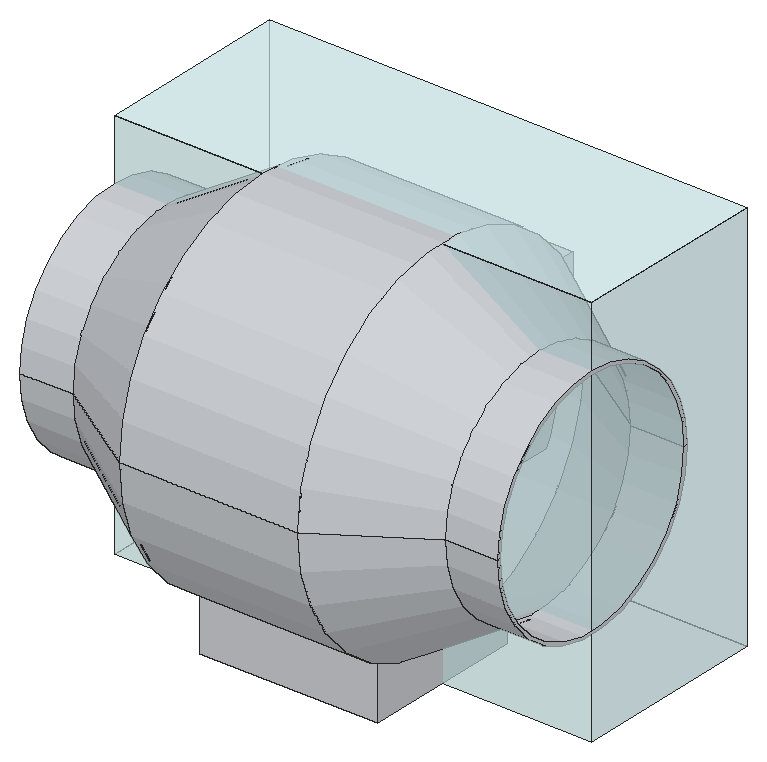
Revit family "Vents_TT_2016_19.08", category Оборудование, Revit 2016
Family settings
  Тип детали = Вставляется
  Размер круглого соединителя = Использовать диаметр
  На основе рабочей плоскости = Нет
  Всегда вертикально = Нет
  При загрузке вырезать с полостями = Нет
  Общий = Нет
  Точка расчета площади = Нет
Parameters (values of type "TT 150")
  Угол = 60.00°
  Использовать масштаб аннотаций [instance] = 0
  Группа модели = "ТТ"
  Variable Speed Drive = no
  Sound Pressure Level at 3m  dBA (Min/Max) = "33/44"
  Service Zone 2 = 2 * LL1  # 295 mm
  Service Zone 1 = (R2 * 2) + 20 mm  # 243 mm
  Service Zone = R2 + 50 mm  # 161.5 mm
  Power min = 29 W
  Power max = 60 W
  PValue [instance] = 0.0 Pa
  Motor IP Rating = "IPX4"
  WW2 = 52 mm
  WW1 = 50 mm
  W = 500 mm
  Voltage = 230 V
  URL = "https://ventilation-system.com/product/tt-150#characteristic"
  RR4 = 12 mm
  RR3 = 48.5 mm
  R3 = 49 mm
  R2 = 111.5 mm
  R1 = 73 mm
  Productdata [instance] = ""
  PE = 132.5 mm
  PC = 117.5 mm
  Изготовитель = "VENTS"
  Mass = 3.19 kg
  MC Product Code = "ТТ 150"
  LL7 = 98 mm
  LL6 = 43 mm
  L8 = 82 mm
  LL4 = 40.8 mm
  LL3 = 55 mm
  LL2 = 115 mm
  LL1 = 147.5 mm
  Ingress Protection Rating = "IPX4"
  HH3 = R2  # 111.5 mm
  HH2 = 49 mm
  HH1 = 50 mm
  Описание = "Inline mixed-flow fan"
  FlowMin = 405.0 m³/h
  FlowMax = 520.0 m³/h
  Flow [instance] = 520.0 m³/h
  EC motor = no
  D = 150 mm
  Current.Min = 0.17 A
  Current.Max = 0.27 A
  Certification = "by Manifacturer"
  CAT2 = yes
  CAT1 = yes
  CAT0 = yes
Types (5, lengths in mm): name | Sound Pressure Level at 3m  dBA (Min/Max) | Service Zone 2 | Service Zone 1 | Service Zone | Power min | Power max | URL | RR3 | R2 | R1 | PE | PC | Mass | MC Product Code | LL7 | LL6 | LL4 | LL3 | LL2 | LL1 | HH3 | HH2 | FlowMin | FlowMax | Flow | D | Current.Min | Current.Max
  TT 150 | "33/44" | 295 | 243 | 161.5 | 29 W | 60 W | "https://ventilation-system.com/product/tt-150#characteristic" | 48.5 | 111.5 | 73 | 132.5 | 117.5 | 3.19 kg | "ТТ 150" | 98 | 43 | 40.8 | 55 | 115 | 147.5 | 111.5 | 49 | 405.0 m³/h | 520.0 m³/h | 520.0 m³/h | 150 | 0.17 A | 0.27 A
  TT 125S | "31/42" | 295 | 243 | 161.5 | 28 W | 54 W | "https://ventilation-system.com/product/tt-125-s#characteristic" | 48.5 | 111.5 | 61.5 | 132.5 | 117.5 | 3.14 kg | "ТТ 125 S" | 98 | 43 | 40.8 | 55 | 115 | 147.5 | 111.5 | 49 | 240.0 m³/h | 320.0 m³/h | 320.0 m³/h | 125 | 0.12 A | 0.16 A
  TT 160 | "33/44" | 295 | 253 | 166.5 | 29 W | 60 W | "https://ventilation-system.com/product/tt-160#characteristic" | 48.5 | 116.5 | 79 | 132.5 | 117.5 | 3.22 kg | "ТТ 160" | 98 | 43 | 40.8 | 55 | 115 | 147.5 | 116.5 | 49 | 405.0 m³/h | 520.0 m³/h | 520.0 m³/h | 160 | 0.17 A | 0.27 A
  TT 125 | "28/37" | 246 | 187 | 133.5 | 23 W | 37 W | "https://ventilation-system.com/product/tt-125#characteristic" | 21 | 83.5 | 61.5 | 90 | 100 | 1.79 kg | "ТТ 125" | 124 | 65 | 41 | 59 | 95 | 123 | 83.5 | 57.5 | 220.0 m³/h | 280.0 m³/h | 280.0 m³/h | 125 | 0.18 A | 0.27 A
  TT 100 | "27/36" | 246 | 187 | 133.5 | 21 W | 33 W | "https://ventilation-system.com/product/tt-100#characteristic" | 21 | 83.5 | 48 | 90.5 | 99.5 | 1.45 kg | "ТТ 100" | 98 | 43 | 40.8 | 55 | 98 | 123 | 83.5 | 49 | 145.0 m³/h | 187.0 m³/h | 187.0 m³/h | 100 | 0.11 A | 0.21 A
Reference planes
  plane 1 "Center (Front/Back)": y = 0
  plane 2 "XYPLANE": z = 0
  plane 3 "Center (Left/Right)": x = 0
  plane 4 "219": y = 0
  plane 5 "218": z = -111.5
  plane 6 "217": y = -52
  plane 7 "216": y = 52
  plane 8 "215": z = -49
  plane 9 "214": y = -50
  plane 10 "213": y = 50
  plane 11 "212": z = -132.5
  plane 12 "211": x = -43
  plane 13 "210": y = 49
  plane 14 "209": z = 50
  plane 15 "208": z = -50
  plane 16 "207": y = 117.5
  plane 17 "206": x = -40.8
  plane 18 "205": z = 0
  plane 19 "204": y = 111.5
  plane 20 "203": y = 73
  plane 21 "202": x = 147.5
  plane 22 "201": x = 115
  plane 23 "200": x = 55
  plane 24 "199": x = -55
  plane 25 "198": x = -115
  plane 26 "197": x = -147.5
  plane 27: y = -50
  plane 28: y = 50
Forms (mm)
  Extrusion 1, solid, visible <- "CAT0", detail levels fine
    sketch origin (-40.8, -750, 0) x (0, 1, 0) y (0, 0, 1)
      loop
        arc (827.703, 50) -> (842.4, 0) -> (827.703, -50) r 92.4
        line (827.703, -50) -> (867.5, -50) -> (867.5, 50) -> (827.703, 50)
    from 0 to 82 <- "L8"
  Revolve 2, solid, visible <- "CAT0", detail levels medium+fine
    sketch origin (-147.5, 75, 0) x (0, 1, 0) y (-1, 0, 0)
      loop
        line (-2, 0) -> (-4, 0) -> (-4, -32.931) -> (34.5, -92.931) -> (34.5, -202.069) -> (-4, -262.069) -> (-4, -295) -> (-2, -295) -> (-2, -262.5) -> (36.5, -202.5) -> (36.5, -92.5) -> (-2, -32.5) -> (-2, 0)
      axis (-75, 0) -> (-75, -295)
    angle from 0 to 360
  Extrusion 3, solid, not visible
    sketch origin (-147.5, -750, 0) x (0, 1, 0) y (0, 0, 1)
      loop
        circle (750, 0) r 10
    from 0 to 10
  Extrusion 4, solid, not visible
    sketch origin (147.5, -750, 0) x (0, 1, 0) y (0, 0, 1)
      loop
        circle (750, 0) r 10
    from 0 to -10
  Extrusion 5, solid, material "Service zone", detail levels medium+fine
    sketch origin (15, 0, 0) x (1, 0, 0) y (0, 0, 1)
      loop
        line (-162.5, 110.5) -> (-162.5, -132.5) -> (132.5, -132.5) -> (132.5, 110.5) -> (-162.5, 110.5)
    from 0 to -120
  Extrusion 6, solid, detail levels fine
    sketch origin (-40.8, -750, 0) x (0, 1, 0) y (0, 0, 1)
      loop
        line (700, -99.661) -> (700, -132.5) -> (800, -132.5) -> (800, -99.661)
        arc (800, -99.661) -> (750, -111.5) -> (700, -99.661) r 111.5
    from -14.2 to 95.8
Lines and regions (mm)
  reference lines, not visible
    curve 1: circle (2, 2, 0) r 1 normal (0, 0, 1)
  model lines, detail levels coarse
    curve 2: line (-116.5, 0, 0) -> (-162.5, 0, 0)
    curve 3: line (116.5, 0, 0) -> (162.5, 0, 0)
    curve 4: circle (0, 0, 0) r 111.5 normal (0, 0, -1)
    curve 5: line (111.5, 0, 0) -> (-55.75, -96.562, 0)
    curve 6: line (-55.75, -96.562, 0) -> (-55.75, 96.562, 0)
    curve 7: line (-55.75, 96.562, 0) -> (111.5, 0, 0)
  model lines
    curve 8: line (111.5, 0, 0) -> (147.5, 0, 0)
    curve 9: line (-111.5, 0, 0) -> (-147.5, 0, 0)
    curve 10: line (111.5, 0, 0) -> (147.5, 0, 0)
    curve 11: line (-111.5, 0, 0) -> (-147.5, 0, 0)
Dimensions and locks
  locked: plane 1 "Center (Front/Back)" to plane 4 "219"
  "HH3": plane 2 "XYPLANE" to plane 5 "218"
  "WW2": plane 1 "Center (Front/Back)" to plane 6 "217"
  "WW2": plane 1 "Center (Front/Back)" to plane 7 "216"
  "HH2": plane 2 "XYPLANE" to plane 8 "215"
  "WW1": plane 1 "Center (Front/Back)" to plane 9 "214"
  "WW1": plane 1 "Center (Front/Back)" to plane 10 "213"
  "PE": plane 2 "XYPLANE" to plane 11 "212"
  "LL6": plane 3 "Center (Left/Right)" to plane 12 "211"
  "R3": plane 1 "Center (Front/Back)" to plane 13 "210"
  "HH1": plane 2 "XYPLANE" to plane 14 "209"
  "HH1": plane 2 "XYPLANE" to plane 15 "208"
  "PC": plane 1 "Center (Front/Back)" to plane 16 "207"
  "LL4": plane 3 "Center (Left/Right)" to plane 17 "206"
  locked: plane 2 "XYPLANE" to plane 18 "205"
  "R2": plane 1 "Center (Front/Back)" to plane 19 "204"
  "R1": plane 1 "Center (Front/Back)" to plane 20 "203"
  "LL1": plane 3 "Center (Left/Right)" to plane 21 "202"
  "LL2": plane 3 "Center (Left/Right)" to plane 22 "201"
  "LL3": plane 3 "Center (Left/Right)" to plane 23 "200"
  "LL3": plane 3 "Center (Left/Right)" to plane 24 "199"
  "LL2": plane 3 "Center (Left/Right)" to plane 25 "198"
  "LL1": plane 3 "Center (Left/Right)" to plane 26 "197"
  Extrusion 1 sketch curve to Extrusion 1 sketch curve = 0 mm  (x8)
  Revolve 2 sketch curve to Revolve 2 sketch curve = 0 mm  (x8)
  "Service Zone 1": Extrusion 5 to plane 11 "212"
  plane 4 "219" to plane 16 "207" = 117.5 mm
  plane 27 to plane 4 "219" = 50 mm
  plane 4 "219" to plane 28 = 50 mm
  plane 27 to plane 28 = 100 mm
  "PE": level to Extrusion 6
  "R2": radius of Extrusion 6 sketch curve
  "R2": radius of Revolve 2
  "R2": radius of curve 4
  "Угол": angle curve 6 to curve 7
  "Угол": angle curve 7 to curve 5
  aligned and locked: level to plane 2 "XYPLANE"
  aligned and locked: plane 16 "207" to Extrusion 1 sketch curve
  aligned and locked: plane 14 "209" to Extrusion 1 sketch curve
  aligned and locked: plane 15 "208" to Extrusion 1 sketch curve
  aligned and locked: Extrusion 1 sketch curve to plane 16 "207"
  aligned and locked: plane 26 "197" to Revolve 2 sketch curve
  aligned and locked: plane 25 "198" to Revolve 2 sketch curve
  aligned and locked: plane 20 "203" to Revolve 2 sketch curve  (x2)
  aligned and locked: plane 19 "204" to Revolve 2 sketch curve  (x2)
  aligned and locked: plane 24 "199" to Revolve 2 sketch curve
  aligned and locked: plane 23 "200" to Revolve 2 sketch curve
  aligned and locked: plane 22 "201" to Revolve 2 sketch curve
  aligned and locked: plane 21 "202" to Revolve 2 sketch curve
  aligned and locked: Extrusion 3 sketch curve to plane 4 "219"
  aligned and locked: plane 18 "205" to Extrusion 3 sketch curve
  aligned and locked: Extrusion 4 sketch curve to plane 4 "219"
  aligned and locked: plane 18 "205" to Extrusion 4 sketch curve
  aligned and locked: Extrusion 5 to plane 26 "197"
  aligned and locked: plane 21 "202" to Extrusion 5
  aligned and locked: plane 24 "199" to Extrusion 6
  aligned and locked: Extrusion 6 to plane 23 "200"
  aligned and locked: Extrusion 6 to plane 27
  aligned and locked: plane 28 to Extrusion 6
  aligned and locked: curve 10 to curve 3
  aligned and locked: curve 11 to curve 2
Automatic sketch dimensions
  plane 1 "Center (Front/Back)" to Revolve 2 sketch curve = 0 mm
  Revolve 2 sketch curve to plane 20 "203" = 2 mm  (x2)
  Revolve 2 sketch curve to plane 22 "201" = 0.431 mm
  plane 24 "199" to Revolve 2 sketch curve = 0.431 mm
  Revolve 2 sketch curve to plane 19 "204" = 2 mm
  Revolve 2 sketch curve to plane 23 "200" = 0.431 mm
  plane 25 "198" to Revolve 2 sketch curve = 0.431 mm
  plane 3 "Center (Left/Right)" to Revolve 2 sketch curve = 10 mm
  plane 25 "198" to Revolve 2 sketch curve = 19.5 mm
  plane 1 "Center (Front/Back)" to Extrusion 3 sketch curve = 10 mm
  plane 1 "Center (Front/Back)" to Extrusion 4 sketch curve = 10 mm
  plane 3 "Center (Left/Right)" to curve 1 = 2 mm
  Extrusion 5 sketch curve to plane 26 "197" = 0 mm
  Extrusion 5 sketch curve to plane 21 "202" = 0 mm
  plane 11 "212" to Extrusion 5 sketch curve = 0 mm
  plane 14 "209" to Extrusion 5 sketch curve = 60.5 mm
  curve 1 to plane 1 "Center (Front/Back)" = 2 mm
  Extrusion 1 sketch curve to level = 0 mm
  Extrusion 1 sketch curve to plane 1 "Center (Front/Back)" = 0 mm
  plane 20 "203" to Extrusion 1 sketch curve = 4.703 mm
  curve 2 to level = 0 mm
  curve 3 to level = 0 mm
  curve 2 to plane 26 "197" = 15 mm
  curve 2 to plane 25 "198" = 1.5 mm
  plane 22 "201" to curve 3 = 1.5 mm
  plane 21 "202" to curve 3 = 15 mm
  Extrusion 6 sketch curve to plane 9 "214" = 0 mm
  Extrusion 6 sketch curve to level = 0 mm
  Extrusion 6 sketch curve to plane 1 "Center (Front/Back)" = 0 mm
  Extrusion 6 sketch curve to plane 10 "213" = 0 mm
  Extrusion 6 sketch curve to plane 11 "212" = 0 mm
  plane 1 "Center (Front/Back)" to curve 5 = 0 mm
  curve 10 to plane 21 "202" = 0 mm
  curve 4 to plane 3 "Center (Left/Right)" = 0 mm
  curve 11 to plane 26 "197" = 0 mm
  radius of curve 1 = 1 mm
Connectors
  hvac at (-147.5, 0, 0), driven by "D"
    settings: on Extrusion 3, index 1, duct flow 0.0 m³/h, flow factor 0, pres drop 0.0 Pa, loss coef 0, conn angle 0.00°, conn width 304.8 mm, conn height 304.8 mm, conn diameter 150 mm, duct sys type 29, conn prof type 0, flow config 0, flow direction 1, loss method 0, conn ref index 2, conn util no, is conn primary yes, conn desc ""
  hvac at (147.5, 0, 0), driven by "D"
    settings: on Extrusion 4, index 2, duct flow 0.0 m³/h, flow factor 0, pres drop 0.0 Pa, loss coef 0, conn angle 0.00°, conn width 304.8 mm, conn height 304.8 mm, conn diameter 150 mm, duct sys type 29, conn prof type 0, flow config 0, flow direction 2, loss method 0, conn ref index 1, conn util no, is conn primary no, conn desc ""
  electrical at (0.2, 97.602, 50)
    settings: on Extrusion 1, index 3, voltage 0 V, apparent load 0 VA, apparent load phase1 0 VA, apparent load phase2 0 VA, apparent load phase3 0 VA, power factor 1, load classification "Прочее", number of poles 1, system type 31, power factor state 1, is connector primary yes, connector utility no, sub classification motor no, connector description ""
